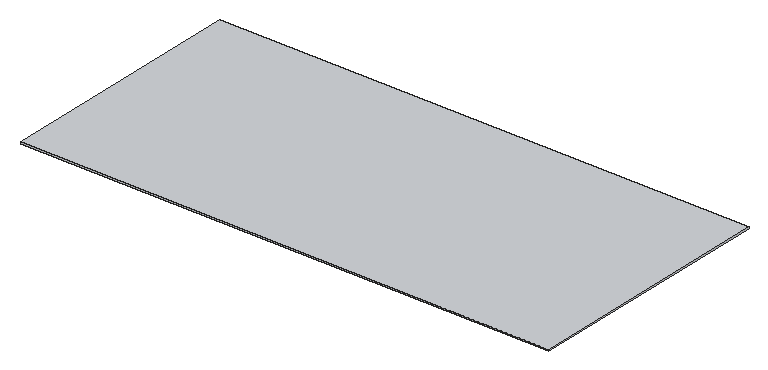
Revit family "Машинка для АР_Регулируемые углы.2", category Парковка, Revit 2021
Family settings
  На основе рабочей плоскости = Нет
  Всегда вертикально = Нет
  При загрузке вырезать с полостями = Нет
  Общий = Нет
Parameters (values of type "угол 49")
  смещение от уровня [instance] = 0 mm
  деление [instance] = Сложение / 2  # 3211.325 mm
  Цвет = none
  Средний = no
  Сложение [instance] = ADSK_ПлощадьДлина 1 + ADSK_ПлощадьДлина 2  # 6422.65 mm
  Площадь м/м [instance] = (ADSK_Размер_Ширина * деление) + (ADSK_Размер_Ширина * ADSK_Размер_Длина)  # 21.2783 m²
  Номер машины [instance] = 0
  Малый = yes
  Класс машины = "М"
  Инвалид = no
  Включить контур [instance] = yes
  Большой_сбоку = no
  Большой = no
  Q7 спереди = no
  Q7 сбоку = no
  ADSK_Размер_Ширина [instance] = 2500 mm
  ADSK_Размер_УголПоворота2 [instance] = 53.8984°
  ADSK_Размер_Длина [instance] = 5300 mm
  ADSK_ПлощадьДлина 2 [instance] = 4649.286 mm
  ADSK_ПлощадьДлина 1 [instance] = 1773.365 mm
Types (4, lengths in mm): name | деление | Сложение | Площадь м/м | ADSK_Размер_УголПоворота2 | ADSK_ПлощадьДлина 2 | ADSK_ПлощадьДлина 1
  Машиноместо 6600х2500 | 3211.325 | 6422.65 | 21.2783 m² | 53.8984° | 4649.286 | 1773.365
  среднее 2 | 2330.639 | 4661.279 | 19.0766 m² | 41.00° | 3768.6 | 892.679
  среднее | 2330.639 | 4661.279 | 19.0766 m² | 41.00° | 3768.6 | 892.679
  угол 49 | 3211.325 | 6422.65 | 21.2783 m² | 53.8984° | 4649.286 | 1773.365
Reference planes
  plane 1 "По центру (Вперед/Назад)": y = 0
  plane 2: z = 0
  plane 3 "По центру (Влево/Вправо)": x = 0
  plane 4: y = 1250
  plane 5: y = -1250
  plane 6: x = -2650
  plane 7: x = 2650
Forms (mm)
  Extrusion 1, solid, material <- "Цвет"
    sketch origin (0, 0, 0) x (1, 0, 0) y (0, 1, 0)
      loop
        line (-2650, 1250) -> (-2650, -1250) -> (2650, -1250) -> (2650, 1250) -> (-2650, 1250)
    from -10 to 0
Lines and regions (mm)
  model lines, style "Обозначение машиноместа"
    curve 1: line (-2650, 1250, 0) -> (2650, 1250, 0)
    curve 2: line (-2650, -1250, 0) -> (-2650, 1250, 0)
    curve 3: line (7299.286, -1250, 0) -> (-2650, -1250, 0)
    curve 28: line (7299.286, -1250, 0) -> (4423.365, 1250, 0)
    curve 29: line (4423.365, 1250, 0) -> (2650, 1250, 0)
  symbolic lines, visible <- "Малый"
    curve 4: line (-1850, 800, 0) -> (1850, 800, 0)
    curve 5: line (-1850, -800, 0) -> (-1850, 800, 0)
    curve 6: line (1850, -800, 0) -> (-1850, -800, 0)
    curve 7: line (1850, 800, 0) -> (1850, -800, 0)
  symbolic lines, visible <- "Большой"
    curve 8: line (-2325, 950, 0) -> (2375, 950, 0)
    curve 9: line (-2325, -950, 0) -> (-2325, 950, 0)
    curve 10: line (2375, -950, 0) -> (-2325, -950, 0)
    curve 11: line (2375, 950, 0) -> (2375, -950, 0)
  symbolic lines, visible <- "Малый", not visible
    curve 12: line (11793.327, 1500, 0) -> (15493.327, 1500, 0)
    curve 13: line (11793.327, -100, 0) -> (11793.327, 1500, 0)
    curve 14: line (15493.327, -100, 0) -> (11793.327, -100, 0)
    curve 15: line (15493.327, 1500, 0) -> (15493.327, -100, 0)
  symbolic lines, visible <- "Большой", not visible
    curve 16: line (9695.804, 7876.358, 0) -> (14395.804, 7876.358, 0)
    curve 17: line (9695.804, 5976.358, 0) -> (9695.804, 7876.358, 0)
    curve 18: line (14395.804, 5976.358, 0) -> (9695.804, 5976.358, 0)
    curve 19: line (14395.804, 7876.358, 0) -> (14395.804, 5976.358, 0)
  symbolic lines, visible <- "Включить контур"
    curve 20: line (-2325, 950, 0) -> (2375, 950, 0)
    curve 21: line (-2325, -950, 0) -> (-2325, 950, 0)
    curve 22: line (2375, -950, 0) -> (-2325, -950, 0)
    curve 23: line (2375, 950, 0) -> (2375, -950, 0)
  symbolic lines, visible <- "Включить контур", not visible
    curve 24: line (-2325, 950, 0) -> (2375, 950, 0)
    curve 25: line (-2325, -950, 0) -> (-2325, 950, 0)
    curve 26: line (2375, -950, 0) -> (-2325, -950, 0)
    curve 27: line (2375, 950, 0) -> (2375, -950, 0)
  reference lines
    curve 30: line (6677.191, 2126.117, 0) -> (6677.191, -1973.883, 0)
Dimensions and locks
  equal spacing: plane 6, plane 3 "По центру (Влево/Вправо)", plane 7
  "ADSK_Размер_Длина": plane 6 to plane 7
  equal spacing: plane 4, plane 1 "По центру (Вперед/Назад)", plane 5
  "ADSK_Размер_Ширина": plane 4 to plane 5
  "ADSK_ПлощадьДлина 1": plane 7 to curve 29
  "ADSK_ПлощадьДлина 2": plane 7 to curve 28
  locked: Extrusion 1 to Extrusion 1 (angle 90.00°)
  angle curve 28 to curve 3 = 41.00°
  aligned and locked: level to plane 2
  aligned and locked: Extrusion 1 sketch curve to plane 4
  aligned and locked: plane 6 to Extrusion 1 sketch curve
  aligned and locked: plane 5 to Extrusion 1 sketch curve
  aligned and locked: Extrusion 1 sketch curve to plane 7
  aligned and locked: curve 2 to Extrusion 1
  aligned and locked: plane 1 "По центру (Вперед/Назад)" to import instance
  aligned and locked: level to import instance
  aligned and locked: plane 5 to curve 3
  aligned and locked: curve 1 to plane 4
Automatic sketch dimensions
  curve 30 to plane 5 = 723.883 mm
  plane 7 to curve 30 = 4027.191 mm
  plane 4 to curve 30 = 876.117 mm
  curve 1 to plane 7 = 0 mm
